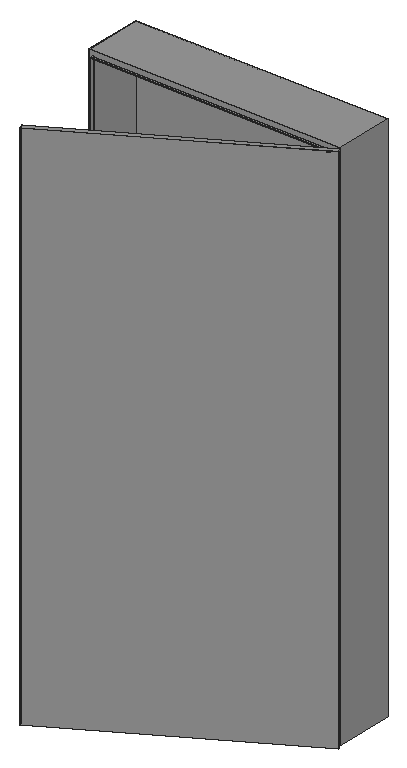
Revit family "Hager-Univers-IP44-D205-H1700-Cl.I-encl-NoHosted-DE-de", category Equipement électrique, Revit 2020
Family settings
  Configuration du panneau = Deux colonnes, circuits au sein
  Cote de connecteur circulaire = Utiliser le diamètre
  Type d'élément = Tableau de raccordement
  Basée sur le plan de construction = Oui
  Toujours verticalement = Oui
  Couper avec des vides une fois chargée = Non
  Partagée = Non
  Point de calcul de pièce = Non
Parameters (values of type "Aufputz IP44 B800 H1700 T205  - FP13TN2")
  Width Control [instance] = if([EF000008 - Breite] > Min Width, [EF000008 - Breite], Min Width)  # 800 mm
  Commentaires du type = [HG000003 - Bereich]  # "Univers"
  Thickness Door [instance] = if([EF009171 - Materialstärke Tür/Deckel] > 3 mm, 3 mm, [EF009171 - Materialstärke Tür/Deckel])  # 1 mm
  Seal Frame Offset [instance] = 17 mm  # constant formula
  Plinth Visibility [instance] = [HG000027 - Sockelhöhe] > 0 mm  # no
  Min Width [instance] = 100 mm  # constant formula
  Min Depth [instance] = (2 * [EF009170 - Materialstärke Gehäuse]) + 1 mm  # 3 mm
  Min Height [instance] = 100 mm  # constant formula
  Internal Frame Depth [instance] = (Door System Depth * 0.5)  # 9 mm
  Panel Name [instance] = ""  # (empty or 0)
  Model = ""
  HG000027 - Sockelhöhe = 0 mm
  HG000026 - Stehend auf dem Boden = no
  HG000024 - Höhe des unteren Teils = 600 mm
  HG000023 - Gehäuse mit doppeltem Querschnitt = no
  HG000016 - 3D-Türsichtbarkeit [instance] = yes
  HG000015 - Sichtbarkeit der Türöffnung [instance] = no
  HG000014 - Tür rechts [instance] = yes
  HG000013 - Tür links [instance] = not([HG000014 - Tür rechts])  # no
  HG000012 - Türschwenkwinkel [instance] = 30.00°
  HG000010 - Asymmetrische Türen = no
  HG000009 - Doppelflügeligen Tür = no
  HG000006 - Unterputz = no
  HG000004 - Herstellerreferenz = "FP13TN2"
  HG000003 - Bereich = "Univers"
  HG000002 - Mit tür = yes
  Frame Offset Bottom [instance] = 10 mm  # constant formula
  Frame Offset [instance] = 15 mm  # constant formula
  EF015940 - Deckel mit Überdruckentlastung = no
  EF011959 - Schutzart (NEMA) = ""
  EF009554 - Anzahl der Öffnungen für Flanschplatten = 6
  EF009212 - Ausführung Deckel = "EV000116 - geschlossen"
  EF009171 - Materialstärke Tür/Deckel = 1 mm
  EF009170 - Materialstärke Gehäuse = 1 mm
  EF008873 - Nennstrom (In) = 400 A
  EF007800 - Geeignet für Blitzschutz = no
  EF006306 - Mit Schloss = no
  EF006244 - Transparenter Deckel/Tür = no
  EF005474 - Schutzart (IP) = "EV006418 - IP44"
  EF004464 - Art der Tür = "EV002646 - Einzel"
  EF004427 - Anzahl der Module = 396
  EF004293 - Schlagfestigkeit = "EV006815 - IK09"
  EF003532 - Geeignet für Außengebrauch = no
  EF002950 - Breite in Teilungseinheiten = 36
  EF001613 - Funktionserhalt = "EV000494 - ohne"
  EF001596 - Werkstoff des Gehäuses = "EV000179 - Stahl"
  EF001131 - Innentiefe = 205 mm
  EF001088 - Anbaumöglichkeit = yes
  EF000437 - Anzahl der Leitungseinführungen = 6
  EF000339 - Art der Abdeckung = "EV001012 - Deckel"
  EF000266 - Anzahl der Reihen = 11
  EF000218 - Einbautiefe = 205 mm
  EF000118 - Mit Montageplatte = no
  EF000116 - RAL-Nummer = "9010"
  EF000049 - Tiefe = 205 mm
  EF000040 - Höhe = 1700 mm
  EF000008 - Breite = 800 mm
  EF000007 - Farbe = "EV000202 - weiß"
  EF000003 - Montageart = "EV000384 - Aufputz"
  Door System Leaf Tolerance [instance] = 1.5 mm  # constant formula
  Door System Depth [instance] = 18 mm  # constant formula
  Door Height [instance] = Height Control - [HG000027 - Sockelhöhe]  # 1700 mm
  Description = ""
  Default Elevation = 1219.2 mm
  Connector Offset [instance] = Height Control / 2  # 850 mm
  Fabricant = "Hager"  # constant formula
  Height Control [instance] = if([EF000040 - Höhe] > Min Height, [EF000040 - Höhe], Min Height)  # 1700 mm
  Depth Control [instance] = if([EF000049 - Tiefe] > Min Depth, [EF000049 - Tiefe], Min Depth)  # 205 mm
  Bottom Top Plate Trim [instance] = 1.5 mm  # constant formula
  Plinth height Ctrl [instance] = if([HG000027 - Sockelhöhe] > 0 mm, [HG000027 - Sockelhöhe], 12 mm)  # 12 mm
Types (9, lengths in mm): name | Width Control | HG000010 - Asymmetrische Türen | HG000009 - Doppelflügeligen Tür | HG000004 - Herstellerreferenz | EF009554 - Anzahl der Öffnungen für Flanschplatten | EF008873 - Nennstrom (In) | EF004464 - Art der Tür | EF004427 - Anzahl der Module | EF002950 - Breite in Teilungseinheiten | EF000437 - Anzahl der Leitungseinführungen | EF000008 - Breite
  Aufputz IP44 B1050 H1700 T205  - FP14TN2 | 1050 | no | yes | "FP14TN2" | 8 | 400 A | "EV003602 - Doppel" | 528 | 48 | 8 | 1050
  Aufputz IP44 B1300 H1700 T205  - FP15TN | 1300 | no | yes | "FP15TN" | 10 | 400 A | "EV003602 - Doppel" | 660 | 60 | 10 | 1300
  Aufputz IP44 B1300 H1700 T205  - FP15TN2 | 1300 | yes | yes | "FP15TN2" | 10 | 400 A | "EV003602 - Doppel" | 660 | 60 | 10 | 1300
  Aufputz IP44 B300 H1700 T205  - FP11TN | 300 | no | no | "FP11TN" | 2 | 250 A | "EV002646 - Einzel" | 132 | 12 | 2 | 300
  Aufputz IP44 B300 H1700 T205  - FP11TN2 | 300 | no | no | "FP11TN2" | 2 | 250 A | "EV002646 - Einzel" | 132 | 12 | 2 | 300
  Aufputz IP44 B550 H1700 T205  - FP12TN | 550 | no | no | "FP12TN" | 4 | 250 A | "EV002646 - Einzel" | 264 | 24 | 4 | 550
  Aufputz IP44 B550 H1700 T205  - FP12TN2 | 550 | no | no | "FP12TN2" | 4 | 250 A | "EV002646 - Einzel" | 264 | 24 | 4 | 550
  Aufputz IP44 B800 H1700 T205  - FP13TN | 800 | no | no | "FP13TN" | 6 | 400 A | "EV002646 - Einzel" | 396 | 36 | 6 | 800
  Aufputz IP44 B800 H1700 T205  - FP13TN2 | 800 | no | no | "FP13TN2" | 6 | 400 A | "EV002646 - Einzel" | 396 | 36 | 6 | 800
Reference planes
  plane 1 "Center (Front/Back)": y = 0
  plane 2: z = 0
  plane 3 "Center (Left/Right)": x = 0
  plane 4: y = 0
  plane 5: y = 0
  plane 6: z = 0
  plane 7: x = -400
  plane 8: x = 400
  plane 9: x = 399
  plane 10: x = -399
  plane 11: z = 0
  plane 12: z = 1
  plane 13: y = -205
  plane 14: y = -1
  plane 15: x = 0
  plane 16: y = -187
  plane 17: y = -204
  plane 18: y = -186
  plane 19: x = -384
  plane 20: x = 384
  plane 21: z = 11
  plane 22: x = -383
  plane 23: x = 383
  plane 24: z = 0
  plane 25: z = 1700
  plane 26: z = 1700
  plane 27: z = 1684
  plane 28: z = 1699
Forms (mm)
  Extrusion 1, solid, material "Hager_Steel_RAL7035_Light_Grey", detail levels medium+fine
    sketch origin (-208.679, -4572, 0) x (-1, 0, 0) y (0, -1, 0)
      loop
        line (191.321, -4385) -> (-608.679, -4385) -> (-608.679, -4572) -> (191.321, -4572) -> (191.321, -4385)
    from 0 to 1700
  Extrusion 2, void
    sketch origin (-350.771, -205, 1219.2) x (1, 0, 0) y (0, 0, 1)
      loop
        line (-48.229, 479.8) -> (-48.229, -1218.2) -> (749.771, -1218.2) -> (749.771, 479.8) -> (-48.229, 479.8)
    from -19 to -204
  Extrusion 3, void
    sketch origin (-290.084, -187, 1219.2) x (1, 0, 0) y (0, 0, 1)
      loop
        line (-93.916, -1208.2) -> (674.084, -1208.2) -> (674.084, 464.8) -> (-93.916, 464.8) -> (-93.916, -1208.2)
    from 0 to -1
  Extrusion 4, solid, material "Hager_Steel_RAL7035_Light_Grey", visible <- "Plinth Visibility", detail levels medium+fine
    sketch origin (0, 0, 0) x (1, 0, 0) y (0, 1, 0)
      loop
        line (-400, 0) -> (-400, -187) -> (400, -187) -> (400, 0) -> (-400, 0)
    from 0 to 12 <- "Plinth height Ctrl"
  Extrusion 5, solid, material "Hager_Steel_RAL7035_Light_Grey", detail levels coarse
    sketch origin (0, 0, 0) x (1, 0, 0) y (0, 1, 0)
      loop
        line (-400, 0) -> (-400, -205) -> (400, -205) -> (400, 0) -> (-400, 0)
    from 0 to 1700 <- "Height Control"
  Sweep 6, void
    path in 3D
      loop
        line (-400, -187, 12) -> (400, -187, 12) -> (400, 0, 12) -> (-400, 0, 12) -> (-400, -187, 12)
    profile origin (-400, -93.5, 12) x (1, 0, 0) y (0, 0, 1)
      loop
        line (0, 0) -> (0, -1.5) -> (1.5, -1.5)
        arc (1.5, -1.5) -> (1.061, -0.439) -> (0, 0) r 1.5
  Extrusion 7, solid, material "Hager_Steel_RAL7035_Light_Grey", detail levels fine
    sketch origin (-400, -187, 0) x (1, 0, 0) y (0, 0, 1)
      loop
        line (16, 11) -> (784, 11) -> (784, 1684) -> (16, 1684) -> (16, 11)
      loop
        line (15, 10) -> (785, 10) -> (785, 1685) -> (15, 1685) -> (15, 10)
    from 0 to 9 <- "Internal Frame Depth"
Cuts and joins
  Extrusion 2, Extrusion 3 cuts Extrusion 1
  Sweep 6 cuts Extrusion 4
Lines and regions (mm)
  Masking region 1
    outline origin (0, 0, 0) x (1, 0, 0) y (0, 1, 0)
      loop
        line (-400, 0) -> (-400, -205) -> (400, -205) -> (400, 0) -> (-400, 0)
  Masking region 2, detail levels coarse
    outline origin (-290.084, -187, 1219.2) x (-1, 0, 0) y (0, 0, 1)
      loop
        line (-690.084, -1219.2) -> (109.916, -1219.2) -> (109.916, 480.8) -> (-690.084, 480.8) -> (-690.084, -1219.2)
  Masking region 3, detail levels coarse
    outline origin (0, 0, 0) x (0, 1, 0) y (0, 0, 1)
      loop
        line (0, 0) -> (0, 1700) -> (-205, 1700) -> (-205, 0) -> (0, 0)
  Masking region 4, visible <- "Plinth Visibility", detail levels medium+fine
    outline origin (0, 0, 0) x (0, 1, 0) y (0, 0, 1)
      loop
        line (-1.5, 12) -> (-185.5, 12)
        arc (-185.5, 12) -> (-185.939, 10.939) -> (-187, 10.5) r 1.5
        line (-187, 10.5) -> (-187, 0) -> (0, 0) -> (0, 10.5)
        arc (0, 10.5) -> (-1.061, 10.939) -> (-1.5, 12) r 1.5
  Masking region 5, detail levels medium+fine
    outline origin (0, 0, 594.038) x (0, 1, 0) y (0, 0, 1)
      loop
        line (0, -594.038) -> (0, 1105.962) -> (-187, 1105.962) -> (-187, -594.038) -> (0, -594.038)
  Masking region 6, detail levels medium+fine
    outline origin (-359.7, -187, 1211.883) x (-1, 0, 0) y (0, 0, 1)
      loop
        line (-759.7, -1211.883) -> (40.3, -1211.883) -> (40.3, 488.117) -> (-759.7, 488.117) -> (-759.7, -1211.883)
  Masking region 7, visible <- "Plinth Visibility", detail levels medium+fine
    outline origin (-320.334, -187, 1041.368) x (-1, 0, 0) y (0, 0, 1)
      loop
        line (-720.334, -1041.368) -> (79.666, -1041.368) -> (79.666, -1030.868)
        arc (79.666, -1030.868) -> (78.606, -1030.429) -> (78.166, -1029.368) r 1.5
        line (78.166, -1029.368) -> (-718.834, -1029.368)
        arc (-718.834, -1029.368) -> (-719.273, -1030.429) -> (-720.334, -1030.868) r 1.5
        line (-720.334, -1030.868) -> (-720.334, -1041.368)
  sketch lines
    curve 1: line (-400, 0, 12) -> (-400, -187, 12)
    curve 2: line (-400, -187, 12) -> (400, -187, 12)
    curve 3: line (400, 0, 12) -> (-400, 0, 12)
    curve 4: line (400, -187, 12) -> (400, 0, 12)
Dimensions and locks
  locked: plane 1 "Center (Front/Back)" to plane 5
  "EF009170 - Materialstärke Gehäuse": plane 7 to plane 10
  "EF009170 - Materialstärke Gehäuse": plane 8 to plane 9
  equal spacing: plane 7, plane 3 "Center (Left/Right)", plane 8
  "Width Control": plane 7 to plane 8
  "Depth Control": plane 4 to plane 13
  "EF009170 - Materialstärke Gehäuse": plane 4 to plane 14
  "Height Control": plane 25 to level
  "HG000027 - Sockelhöhe": plane 11 to level
  "EF009170 - Materialstärke Gehäuse": plane 12 to plane 11
  "EF009170 - Materialstärke Gehäuse": plane 17 to plane 13
  "EF009170 - Materialstärke Gehäuse": plane 18 to plane 16
  "Frame Offset Bottom": plane 21 to plane 12
  "Frame Offset": plane 10 to plane 19
  "Frame Offset": plane 9 to plane 20
  "Door System Depth": plane 16 to plane 13
  "Seal Frame Offset": plane 7 to plane 22
  "Seal Frame Offset": plane 8 to plane 23
  "EF009170 - Materialstärke Gehäuse": plane 26 to plane 28
  "Frame Offset": plane 28 to plane 27
  "Connector Offset": plane 2 to connector elem
  "Bottom Top Plate Trim": profile plane to Sweep 6 sketch curve
  "Bottom Top Plate Trim": Sweep 6 sketch curve to Sweep 6 sketch curve
  "Plinth height Ctrl": Masking region 4 sketch curve to level
  "Plinth height Ctrl": Masking region 7 sketch curve to level
  "Thickness Door": Extrusion 7 sketch curve to Extrusion 7 sketch curve  (x4)
  "Bottom Top Plate Trim": radius of Sweep 6 sketch curve
  "Bottom Top Plate Trim": radius of Masking region 4 sketch curve  (x2)
  "Bottom Top Plate Trim": radius of Masking region 7 sketch curve  (x2)
  aligned and locked: Extrusion 2 sketch curve to plane 12
  aligned and locked: Extrusion 2 sketch curve to plane 9
  aligned and locked: Extrusion 2 sketch curve to plane 10
  aligned and locked: Extrusion 2 to plane 14
  aligned and locked: Extrusion 1 sketch curve to plane 4
  aligned and locked: plane 8 to Extrusion 1 sketch curve
  aligned and locked: plane 7 to Extrusion 1 sketch curve
  aligned and locked: Extrusion 2 to plane 18
  aligned and locked: Extrusion 3 sketch curve to plane 19
  aligned and locked: plane 20 to Extrusion 3 sketch curve
  aligned and locked: Extrusion 3 to Extrusion 2
  aligned and locked: Extrusion 3 sketch curve to plane 21
  aligned and locked: plane 3 "Center (Left/Right)" to nested 1
  aligned and locked: Extrusion 1 sketch curve to plane 16
  aligned and locked: Extrusion 4 sketch curve to cut or joined group of Extrusion 1, Extrusion 2, Extrusion 3
  aligned and locked: Masking region 1 sketch curve to plane 7
  aligned and locked: Masking region 1 sketch curve to plane 5
  aligned and locked: Masking region 1 sketch curve to plane 8
  aligned and locked: Masking region 2 sketch curve to level
  aligned and locked: level to Masking region 3 sketch curve
  aligned and locked: plane 1 "Center (Front/Back)" to Masking region 3 sketch curve
  aligned and locked: plane 13 to Masking region 3 sketch curve
  aligned and locked: plane 5 to Masking region 4 sketch curve
  aligned and locked: Masking region 2 sketch curve to plane 8
  aligned and locked: Masking region 2 sketch curve to plane 7
  aligned and locked: plane 7 to nested 2
  aligned and locked: nested 2 to plane 5
  aligned and locked: plane 5 to Masking region 5 sketch curve
  aligned and locked: plane 26 to Masking region 5 sketch curve
  aligned and locked: Extrusion 5 sketch curve to plane 8
  aligned and locked: Extrusion 5 sketch curve to plane 7
  aligned and locked: Extrusion 5 sketch curve to plane 5
  aligned and locked: Extrusion 3 sketch curve to plane 27
  aligned and locked: Extrusion 2 sketch curve to plane 28
  aligned and locked: Masking region 2 to plane 25
  aligned and locked: Extrusion 4 to plane 16
  aligned and locked: profile plane to Sweep 6 sketch curve
  aligned and locked: Masking region 5 sketch curve to plane 24
  aligned and locked: level to Masking region 4 sketch curve
  aligned and locked: Masking region 1 to plane 13
  aligned and locked: nested 1 to plane 16
  aligned and locked: Masking region 3 to plane 25
  aligned and locked: plane 16 to Masking region 4 sketch curve
  aligned and locked: Masking region 5 sketch curve to plane 16
  aligned and locked: plane 24 to plane 11
  aligned and locked: plane 26 to plane 25
  aligned and locked: plane 26 to cut or joined group of Extrusion 1, Extrusion 2, Extrusion 3
  aligned and locked: nested 1 to plane 24
  aligned and locked: Extrusion 1 to Extrusion 3
  aligned and locked: Masking region 6 sketch curve to plane 8
  aligned and locked: Masking region 6 sketch curve to plane 24
  aligned and locked: Masking region 6 sketch curve to plane 7
  aligned and locked: Masking region 6 sketch curve to plane 26
  aligned and locked: Masking region 7 sketch curve to plane 7
  aligned and locked: level to Masking region 7 sketch curve
  aligned and locked: Masking region 7 sketch curve to plane 8
  aligned and locked: Extrusion 7 sketch curve to cut or joined group of Extrusion 1, Extrusion 2, Extrusion 3  (x4)
Automatic sketch dimensions
  plane 19 to Extrusion 3 sketch curve = 0 mm
  Extrusion 3 sketch curve to plane 20 = 0 mm
  Extrusion 3 sketch curve to plane 21 = 0 mm
  Extrusion 4 sketch curve to plane 7 = 0 mm
  Extrusion 4 sketch curve to plane 8 = 0 mm
  Extrusion 4 sketch curve to plane 16 = 0 mm
  Masking region 1 sketch curve to plane 13 = 0 mm
  Masking region 2 sketch curve to plane 25 = 0 mm
  Masking region 3 sketch curve to plane 25 = 0 mm
  Extrusion 5 sketch curve to plane 13 = 0 mm
  profile plane to Sweep 6 sketch curve = 0 mm
Nested families
  nested 1: "EC000058_Univers_Door" at (0, -187, 0), Double <- "HG000009 - Doppelflügeligen Tür", Transparent <- "EF006244 - Transparenter Deckel/Tür", Angle <- "HG000012 - Türschwenkwinkel", Door_Right <- "HG000014 - Tür rechts", Assymetrical <- "HG000010 - Asymmetrische Türen", Door <- "HG000002 - Mit tür", Width_Ctrl <- "Width Control", 3d_Door <- "HG000016 - 3D-Türsichtbarkeit", Clearance <- "HG000015 - Sichtbarkeit der Türöffnung", Door_Left <- "HG000013 - Tür links", Width <- "Width Control", Door_Depth <- "Door System Depth", Leaf_Tolerance <- "Door System Leaf Tolerance", Height <- "Door Height", Lock_Visibility <- "EF006306 - Mit Schloss", Thickness <- "Thickness Door", type "EC000058_Univers_Door", detail levels medium+fine
    with min_wh 3 mm, Width_Ctrl 800 mm, Width 800 mm, Transparent no, Thickness 1 mm, Seal_Material Hager_Rubber, Lock_Visibility no, Lock_Material Hager_Plastic_RAL9005_Jet_Black, Leaf_Width 800 mm, Leaf_Tolerance_External_Sides 0 mm, Leaf_Tolerance 1.5 mm, Leaf_Offset 0 mm, Leaf_Height 1697 mm, Leaf_2_Width 800 mm, Leaf_2_Offset 400 mm, Leaf_1_Width 800 mm, Leaf_1_Offset 400 mm, Height_Ctrl 1700 mm, Height 1700 mm, Glass_Material Hager_Glass, Double_Clearance_Ctrl no, Double no, Door_Right_Ctrl yes, Door_Right yes, Door_Material Hager_Steel_RAL7035_Light_Grey, Door_Left_Ctrl no, Door_Left no, Door_Depth 18 mm, Door yes, Clearance_Material Hager_Clearance, Clearance_Depth 800 mm, Clearance_Ctrl no, Clearance no, Assymetrical no, Angle 30.00°, 3d_Door yes
  nested 2: "Hager_Enclosure_Symbol" at (-400, 0, 0), Height <- "Depth Control", Width <- "Width Control", type "Hager_Enclosure_Symbol"
    with Width_Ctrl 800 mm, Width 800 mm, Height_Ctrl 205 mm, Height 205 mm, A_Width_Int 13.453 mm, A_Width 161.438 mm, A_Height_Ctrl 179.375 mm, A_Height 179.375 mm
Connectors
  electrical at (0, 0, 850)
    settings: on plane 1 "Center (Front/Back)", index 1, voltage 0 V, apparent load 0 VA, apparent load phase1 0 VA, apparent load phase2 0 VA, apparent load phase3 0 VA, power factor 1, load classification "Other", number of poles 1, system type 30, power factor state 1, is connector primary yes, connector utility no, sub classification motor no, connector description ""
Definition of nested family "EC000058_Univers_Door"
  Parameters (values of type "EC000058_Univers_Door")
    min_wh [instance] = (2 * Thickness) + 1 mm  # 11 mm
    Width_Ctrl [instance] = 400 mm
    Width [instance] = 500 mm
    Transparent [instance] = yes
    Thickness [instance] = 5 mm
    Seal_Material [instance] = none
    Lock_Visibility [instance] = yes
    Lock_Material [instance] = none
    Leaf_Width [instance] = if((Width_Ctrl - 2 * Leaf_Tolerance_External_Sides) > 0 mm, (Width_Ctrl - 2 * Leaf_Tolerance_External_Sides), min_wh)  # 400 mm
    Leaf_Tolerance_External_Sides [instance] = 0 mm  # constant formula
    Leaf_Tolerance [instance] = 1.5 mm
    Leaf_Offset [instance] = 0 mm  # constant formula
    Leaf_Height [instance] = if((Height_Ctrl - 2 * Leaf_Tolerance) > 0 mm, (Height_Ctrl - 2 * Leaf_Tolerance), min_wh)  # 497 mm
    Leaf_2_Width [instance] = if(and(and(Double, Assymetrical), Door_Left), (Leaf_Width / 3) - (Leaf_Tolerance / 2), if(and(and(Double, Assymetrical), Door_Right), (Leaf_Width / 3) * 2 - (Leaf_Tolerance / 2), if(and(Double, not(Assymetrical)), (Leaf_Width / 2) - Leaf_Tolerance, Leaf_Width)))  # 400 mm
    Leaf_2_Offset [instance] = if(and(Double, Assymetrical), Leaf_2_Width / 2, if(and(Double, not(Assymetrical)), Leaf_Width / 4, Leaf_Width / 2))  # 200 mm
    Leaf_1_Width [instance] = if(and(and(Double, Assymetrical), Door_Right), (Leaf_Width / 3) - (Leaf_Tolerance / 2), if(and(and(Double, Assymetrical), Door_Left), (Width / 3) * 2 - (Leaf_Tolerance / 2), if(and(Double, not(Assymetrical)), (Leaf_Width / 2) - Leaf_Tolerance, Leaf_Width)))  # 400 mm
    Leaf_1_Offset [instance] = if(and(Double, Assymetrical), Leaf_1_Width / 2, if(and(Double, not(Assymetrical)), Leaf_Width / 4, Leaf_Width / 2))  # 200 mm
    Height_Ctrl [instance] = if(Height > min_wh, Height, min_wh)  # 500 mm
    Height [instance] = 500 mm
    Glass_Material [instance] = none
    Double_Clearance_Ctrl [instance] = and(Double, Clearance)  # no
    Double [instance] = no
    Door_Right_Ctrl [instance] = and(or(Door_Right, Double), Door)  # yes
    Door_Right [instance] = yes
    Door_Material [instance] = none
    Door_Left_Ctrl [instance] = and(or(Door_Left, Double), Door)  # no
    Door_Left [instance] = no
    Door_Depth [instance] = 30 mm
    Door [instance] = yes
    Default Elevation = 1219.2 mm
    Clearance_Material [instance] = none
    Clearance_Depth [instance] = if(Leaf_1_Width > Leaf_2_Width, Leaf_1_Width, Leaf_2_Width)  # 400 mm
    Clearance_Ctrl [instance] = and(not(Double), Clearance)  # yes
    Clearance [instance] = yes
    Assymetrical [instance] = yes
    Angle [instance] = 30.00°
    3d_Door [instance] = yes
  Reference planes
    plane 1 "Center (Front/Back)": y = 0
    plane 2 "Bottom": z = 0
    plane 3 "Center (Left/Right)": x = 0
    plane 4: z = 500
    plane 5: x = -200
    plane 6: x = 200
    plane 7: z = 500
    plane 8: x = -200
    plane 9: z = 0
    plane 10: x = 200
    plane 11: y = 0
    plane 12: z = 1.5
    plane 13: x = -600
    plane 14: y = -400
    plane 15: x = 600
    plane 16: x = 0
    plane 17: x = 0
    plane 18: x = -200
    plane 19: x = 200
    plane 20: z = 498.5
  Forms (mm)
    Extrusion 1, solid, material <- "Clearance_Material", visible <- "Double_Clearance_Ctrl"
      sketch origin (1200, 0, 0) x (1, 0, 0) y (0, 0, -1)
        loop
          line (-1800, -498.5) -> (-600, -498.5) -> (-600, 0) -> (-1800, 0) -> (-1800, -498.5)
      from 0 to -400
  Dimensions and locks
    equal spacing: plane 5, plane 3 "Center (Left/Right)", plane 6
    "Width_Ctrl": plane 5 to plane 6
    "Leaf_Offset": plane 5 to plane 8
    "Leaf_Offset": plane 6 to plane 10
    "Leaf_Offset": plane 9 to level
    "Leaf_Offset": plane 4 to plane 7
    "Height_Ctrl": plane 4 to level
    "Leaf_Tolerance": plane 12 to plane 9
    locked: plane 11 to plane 1 "Center (Front/Back)"
    "Leaf_1_Offset": plane 18 to plane 16
    "Leaf_2_Offset": plane 17 to plane 19
    "Leaf_1_Width": plane 13 to plane 8
    "Leaf_2_Width": plane 10 to plane 15
    "Clearance_Depth": plane 14 to plane 1 "Center (Front/Back)"
    "Leaf_Tolerance_External_Sides": plane 8 to plane 18
    "Leaf_Tolerance_External_Sides": plane 19 to plane 10
    "Leaf_Tolerance": plane 7 to plane 20
    aligned and locked: level to plane 2 "Bottom"
    aligned and locked: nested 1 to plane 16
    aligned and locked: nested 2 to plane 17
    aligned and locked: Extrusion 1 to plane 13
    aligned and locked: plane 15 to Extrusion 1
    aligned and locked: Extrusion 1 to plane 14
    aligned and locked: plane 12 to nested 1
    aligned and locked: nested 2 to plane 12
    aligned and locked: Extrusion 1 to plane 11
    aligned and locked: plane 20 to Extrusion 1
    aligned and locked: nested 2 to plane 11
    aligned and locked: nested 1 to plane 11
  Automatic sketch dimensions
    Extrusion 1 sketch curve to level = 0 mm
    plane 5 to Extrusion 1 sketch curve = 400 mm
    plane 6 to Extrusion 1 sketch curve = 400 mm
    Extrusion 1 sketch curve to plane 4 = 1.5 mm
  Nested families
    nested 1: "EC000058_Univers_Door_Leaf" at (0, 0, 1.5), Width <- "Leaf_1_Width", visible <- "Door_Left_Ctrl", Leaf_Height <- "Leaf_Height", Angle <- "Angle", 3d_Door <- "3d_Door", Transparent <- "Transparent", Clearance Material <- "Clearance_Material", Clearance <- "Clearance_Ctrl", Door_Material <- "Door_Material", Glass_Material <- "Glass_Material", Door_Depth <- "Door_Depth", Lock_Material <- "Lock_Material", Seal_Material <- "Seal_Material", Lock_Visibility <- "Lock_Visibility", Thickness <- "Thickness", type "EC000058_Univers_Door_Leaf"
      with Width 400 mm, Transparent_Glass_Offset 30 mm, Transparent_Ctrl yes, Transparent yes, Thickness 5 mm, Standard no, Seal_Material none, Seal_D2 8 mm, Seal_D1 1 mm, Offset_Internal_Frame 10 mm, Lock_Width 20 mm, Lock_Visibility_3d yes, Lock_Visibility yes, Lock_Thickness_3 3 mm, Lock_Thickness_2 1 mm, Lock_Thickness_1 3 mm, Lock_Radius_Offset_2 16 mm, Lock_Radius_Offset_1 15 mm, Lock_Radius_2 5 mm, Lock_Radius 6 mm, Lock_Offset 5 mm, Lock_Material none, Lock_Height 80 mm, Lock_Cover_Top_Offset_2d 17 mm, Lock_Cover_Height -65 mm, Leaf_Height 497 mm, Internal_Seal_Thickness 8 mm, Internal_Seal_Depth_2 4.5 mm, Internal_Frame_Depth 25 mm, Glass_Thickness -1 mm, Glass_Offset -2 mm, Glass_Material none, Door_Material none, Door_Depth 30 mm, Clearance Material none, Clearance yes, Angle_Ctrl 30.00°, Angle 30.00°, 3d_Door yes
    nested 2: "EC000058_Univers_Door_Leaf" at (0, 0, 1.5) x (-1, 0, 0) z (0, 0, 1), Width <- "Leaf_2_Width", visible <- "Door_Right_Ctrl", Leaf_Height <- "Leaf_Height", Angle <- "Angle", 3d_Door <- "3d_Door", Transparent <- "Transparent", Clearance Material <- "Clearance_Material", Clearance <- "Clearance_Ctrl", Door_Material <- "Door_Material", Glass_Material <- "Glass_Material", Door_Depth <- "Door_Depth", Lock_Material <- "Lock_Material", Seal_Material <- "Seal_Material", Lock_Visibility <- "Lock_Visibility", Thickness <- "Thickness", type "EC000058_Univers_Door_Leaf"
      with Width 400 mm, Transparent_Glass_Offset 30 mm, Transparent_Ctrl yes, Transparent yes, Thickness 5 mm, Standard no, Seal_Material none, Seal_D2 8 mm, Seal_D1 1 mm, Offset_Internal_Frame 10 mm, Lock_Width 20 mm, Lock_Visibility_3d yes, Lock_Visibility yes, Lock_Thickness_3 3 mm, Lock_Thickness_2 1 mm, Lock_Thickness_1 3 mm, Lock_Radius_Offset_2 16 mm, Lock_Radius_Offset_1 15 mm, Lock_Radius_2 5 mm, Lock_Radius 6 mm, Lock_Offset 5 mm, Lock_Material none, Lock_Height 80 mm, Lock_Cover_Top_Offset_2d 17 mm, Lock_Cover_Height -65 mm, Leaf_Height 497 mm, Internal_Seal_Thickness 8 mm, Internal_Seal_Depth_2 4.5 mm, Internal_Frame_Depth 25 mm, Glass_Thickness -1 mm, Glass_Offset -2 mm, Glass_Material none, Door_Material none, Door_Depth 30 mm, Clearance Material none, Clearance yes, Angle_Ctrl 30.00°, Angle 30.00°, 3d_Door yes
  Definition of nested family "EC000058_Univers_Door_Leaf"
    Parameters (values of type "EC000058_Univers_Door_Leaf")
      Width [instance] = 2000 mm
      Transparent_Glass_Offset [instance] = 30 mm
      Transparent_Ctrl [instance] = and(Transparent, [3d_Door])  # yes
      Transparent [instance] = yes
      Thickness [instance] = 5 mm
      Standard [instance] = and(not(Transparent), [3d_Door])  # no
      Seal_Material [instance] = none
      Seal_D2 [instance] = 8 mm  # constant formula
      Seal_D1 [instance] = 1 mm  # constant formula
      Offset_Internal_Frame [instance] = 10 mm  # constant formula
      Lock_Width [instance] = 20 mm  # constant formula
      Lock_Visibility_3d [instance] = and(Lock_Visibility, [3d_Door])  # yes
      Lock_Visibility [instance] = yes
      Lock_Thickness_3 [instance] = 3 mm  # constant formula
      Lock_Thickness_2 [instance] = 1 mm  # constant formula
      Lock_Thickness_1 [instance] = 3 mm  # constant formula
      Lock_Radius_Offset_2 [instance] = Lock_Radius_Offset_1 + 1 mm  # 16 mm
      Lock_Radius_Offset_1 [instance] = 15 mm  # constant formula
      Lock_Radius_2 [instance] = Lock_Radius - 1 mm  # 5 mm
      Lock_Radius [instance] = 6 mm  # constant formula
      Lock_Offset [instance] = 5 mm  # constant formula
      Lock_Material [instance] = none
      Lock_Height [instance] = 80 mm  # constant formula
      Lock_Cover_Top_Offset_2d [instance] = Lock_Radius_Offset_2 + 1 mm  # 17 mm
      Lock_Cover_Height [instance] = -(Lock_Height - Lock_Radius_Offset_1)  # -65 mm
      Leaf_Height [instance] = 2720.336 mm
      Internal_Seal_Thickness [instance] = 8 mm  # constant formula
      Internal_Seal_Depth_2 [instance] = 4.5 mm  # constant formula
      Internal_Frame_Depth [instance] = if(Door_Depth - Thickness > 5 mm, Door_Depth - Thickness, 5 mm)  # 25 mm
      Glass_Thickness [instance] = if(Thickness > 15 mm, Glass_Offset + 10 mm, -1 mm)  # -1 mm
      Glass_Offset [instance] = if(Thickness > 15 mm, -(Thickness + 10 mm) / 2, -2 mm)  # -2 mm
      Glass_Material [instance] = none
      Door_Material [instance] = none
      Door_Depth [instance] = 30 mm
      Default Elevation = 0 mm
      Clearance Material [instance] = none
      Clearance [instance] = yes
      Angle_Ctrl [instance] = if(Angle > 180.00°, 180.00°, Angle)  # 90.00°
      Angle [instance] = 90.00°
      3d_Door [instance] = yes
    Reference planes
      plane 1 "Center (Front/Back)": y = 0
      plane 2: z = 0
      plane 3 "Center (Left/Right)": x = 0
      plane 4: y = 2000
      plane 5: x = -1000
      plane 6: x = 1000
      plane 7: x = -3000
      plane 8: z = 2720.336
      plane 9: z = 30
      plane 10: z = 2690.336
      plane 11: x = 970
      plane 12: x = -970
      plane 13: y = -3
      plane 14: z = 107.833
      plane 15: y = -5
      plane 16: y = -223.314
      plane 17: x = -1000
      plane 18: z = 1360.168
      plane 19: y = 30
    Forms (mm)
      Extrusion 1, solid, material <- "Clearance Material", visible <- "Clearance"
        sketch origin (0, 0, 0) x (1, 0, 0) y (0, 0, 1)
          loop
            line (-3000, 2720.336) -> (-3000, 0) -> (1000, 0) -> (1000, 2720.336) -> (-3000, 2720.336)
        from 0 to -2000
      Extrusion 2, solid, material <- "Door_Material", visible <- "Standard", detail levels medium+fine
        sketch origin (-1000, 0, 0) x (0, 1, 0) y (-1, 0, 0)
          loop
            line (0, 30) -> (0, 25) -> (2000, 25) -> (2000, 30) -> (0, 30)
        from 0 to 2720.336 <- "Leaf_Height"
      Extrusion 3, solid, material <- "Door_Material", visible <- "Transparent_Ctrl", detail levels medium+fine
        sketch origin (-1000, 0, 0) x (0, 1, 0) y (-1, 0, 0)
          loop
            line (0, 25) -> (2000, 25) -> (2000, 30) -> (0, 30) -> (0, 25)
        from 0 to 2720.336 <- "Leaf_Height"
      Extrusion 4, void
        sketch origin (-1025, 2000, 0) x (0, 1, 0) y (0, 0, -1)
          loop
            line (-30, -2690.336) -> (-30, -30) -> (-1970, -30) -> (-1970, -2690.336) -> (-30, -2690.336)
        from 0 to 5 <- "Thickness"
      Sweep 5, solid, material <- "Seal_Material", visible <- "Transparent_Ctrl", detail levels fine
        path in 3D
          loop
            line (-1025, 30, 30) -> (-1025, 30, 2690.336) -> (-1025, 1970, 2690.336) -> (-1025, 1970, 30) -> (-1025, 30, 30)
        profile origin (-1025, 1000, 30) x (1, 0, 0) y (0, 0, 1)
          loop
            line (0, 0) -> (0, -8) -> (1, -8) -> (1, 0) -> (0, 0)
      Extrusion 6, solid, material <- "Glass_Material", visible <- "Transparent_Ctrl", detail levels medium+fine
        sketch origin (-1030, 0, 0) x (0, 1, 0) y (0, 0, -1)
          loop
            line (1970, -2690.336) -> (1970, -30) -> (30, -30) -> (30, -2690.336) -> (1970, -2690.336)
        from -2 <- "Glass_Offset" to -1 <- "Glass_Thickness"
      Extrusion 7, solid, material <- "Door_Material", visible <- "3d_Door", detail levels medium+fine
        sketch origin (-1025, 2000, 0) x (0, -1, 0) y (0, 0, -1)
          loop
            line (0, -2720.336) -> (2000, -2720.336) -> (2000, 0) -> (0, 0) -> (0, -2720.336)
          loop
            line (1995, -5) -> (5, -5) -> (5, -2715.336) -> (1995, -2715.336) -> (1995, -5)
        from 0 to 25 <- "Internal_Frame_Depth"
      Sweep 8, solid, material <- "Seal_Material", visible <- "Transparent_Ctrl", detail levels fine
        path in 3D
          loop
            line (-1025, 0, 0) -> (-1025, 2000, 0) -> (-1025, 2000, 2720.336) -> (-1025, 0, 2720.336) -> (-1025, 0, 0)
        profile origin (-1025, 0, 1360.168) x (1, 0, 0) y (0, 1, 0)
          loop
            line (0, 10) -> (2.975, 10)
            arc (2.975, 10) -> (4.053, 10.447) -> (4.5, 11.525) r 1.525
            line (4.5, 11.525) -> (4.5, 16.527)
            arc (4.5, 16.527) -> (4.069, 17.569) -> (3.027, 18) r 1.473
            line (3.027, 18) -> (0, 18) -> (0, 10)
      Extrusion 9, solid, material <- "Lock_Material", visible <- "Lock_Visibility_3d", detail levels fine
        sketch origin (-1030, 0, 0) x (0, 1, 0) y (0, 0, -1)
          loop
            arc (1993.5, -1400.168) -> (1994.561, -1399.729) -> (1995, -1398.668) r 1.5
            line (1995, -1398.668) -> (1995, -1320.168) -> (1975, -1320.168) -> (1975, -1398.668)
            arc (1975, -1398.668) -> (1975.439, -1399.729) -> (1976.5, -1400.168) r 1.5
            line (1976.5, -1400.168) -> (1993.5, -1400.168)
        from 3 <- "Lock_Thickness_1" to 0
      Blend 10, solid, material <- "Lock_Material", visible <- "Lock_Visibility_3d", detail levels fine
        base sketch origin (-1033, 0, 0) x (0, 1, 0) y (0, 0, -1)
          loop
            line (1975, -1320.168) -> (1975, -1398.668)
            arc (1975, -1398.668) -> (1975.439, -1399.729) -> (1976.5, -1400.168) r 1.5
            line (1976.5, -1400.168) -> (1993.5, -1400.168)
            arc (1993.5, -1400.168) -> (1994.561, -1399.729) -> (1995, -1398.668) r 1.5
            line (1995, -1398.668) -> (1995, -1320.168) -> (1975, -1320.168)
        top sketch origin (-1033, 0, 0) x (0, 1, 0) y (0, 0, -1)
          loop
            line (1976, -1320.168) -> (1976, -1398.668)
            arc (1976, -1398.668) -> (1976.146, -1399.022) -> (1976.5, -1399.168) r 0.5
            line (1976.5, -1399.168) -> (1993.5, -1399.168)
            arc (1993.5, -1399.168) -> (1993.854, -1399.022) -> (1994, -1398.668) r 0.5
            line (1994, -1398.668) -> (1994, -1320.168) -> (1976, -1320.168)
        from 0 to 1 <- "Lock_Thickness_2"
      Blend 11, solid, material <- "Lock_Material", visible <- "Lock_Visibility_3d", detail levels fine
        base sketch origin (-1034, 0, 0) x (0, 1, 0) y (0, 0, -1)
          loop
            line (1978, -1320.168) -> (1978, -1384.168)
            arc (1978, -1384.168) -> (1985, -1391.168) -> (1992, -1384.168) r 7
            line (1992, -1384.168) -> (1992, -1320.168) -> (1978, -1320.168)
        top sketch origin (-1034, 0, 0) x (0, 1, 0) y (0, 0, -1)
          loop
            line (1991, -1320.168) -> (1979, -1320.168) -> (1979, -1383.168)
            arc (1979, -1383.168) -> (1985, -1389.168) -> (1991, -1383.168) r 6
            line (1991, -1383.168) -> (1991, -1320.168)
        from 0 to 3 <- "Lock_Thickness_3"
      Extrusion 12, solid, material <- "Lock_Material", visible <- "Lock_Visibility_3d", detail levels fine
        sketch origin (-1030, 1975, 1320.168) x (1, 0, 0) y (0, -1, 0)
          loop
            line (-7, -19) -> (-7, -1) -> (0, -1) -> (0, 0) -> (-8, 0) -> (-8, -20) -> (0, -20) -> (0, -19) -> (-7, -19)
        from 0 to -65 <- "Lock_Cover_Height"
      Extrusion 13, void
        sketch origin (-1038, 1995, 1320.168) x (-1, 0, 0) y (0, 0, -1)
          loop
            line (-5, -65) -> (0, -65) -> (-5, -60) -> (-5, -65)
        from 0 to 20 <- "Lock_Width"
      Extrusion 14, void
        sketch origin (-1038, 1975, 1320.168) x (0, -1, 0) y (0, 0, -1)
          loop
            circle (-10, -15.995) r 6
          loop
            circle (-10, -15.995) r 5
        from 0 to 2
      Extrusion 15, solid, material <- "Lock_Material", visible <- "Lock_Visibility_3d", detail levels medium
        sketch origin (-1030, 0, 0) x (0, 1, 0) y (0, 0, -1)
          loop
            arc (1993.5, -1400.168) -> (1994.561, -1399.729) -> (1995, -1398.668) r 1.5
            line (1995, -1398.668) -> (1995, -1320.168) -> (1975, -1320.168) -> (1975, -1398.668)
            arc (1975, -1398.668) -> (1975.439, -1399.729) -> (1976.5, -1400.168) r 1.5
            line (1976.5, -1400.168) -> (1993.5, -1400.168)
        from 8 to 0
    Cuts and joins
      Extrusion 4 cuts Extrusion 3
      Extrusion 13, Extrusion 14 cuts Extrusion 9
      Extrusion 14 cuts Blend 11
      Extrusion 13, Extrusion 14 cuts Extrusion 12
      joined: Extrusion 9, Blend 10, Blend 11, Extrusion 12
      Extrusion 14 cuts Extrusion 15
    Lines and regions (mm)
      Masking region 1, visible <- "Lock_Visibility", detail levels fine
        outline origin (0, 0, 0) x (0, 1, 0) y (0, 0, 1)
          loop
            line (30, 1320.168) -> (33, 1320.168) -> (33, 1400.168) -> (30, 1400.168) -> (30, 1320.168)
      Masking region 2, visible <- "Lock_Visibility", detail levels fine
        outline origin (0, 3.143, 0) x (0, 1, 0) y (0, 0, 1)
          loop
            line (29.857, 1354.168) -> (30.857, 1354.168) -> (30.857, 1366.168) -> (29.857, 1366.168) -> (29.857, 1354.168)
      Masking region 3, detail levels medium+fine
        outline origin (0, 0, 0) x (0, 1, 0) y (0, 0, 1)
          loop
            line (0, 0) -> (30, 0) -> (30, 2720.336) -> (0, 2720.336) -> (0, 0)
      Masking region 4, detail levels medium+fine
        outline origin (0, 0, 0) x (1, 0, 0) y (0, 0, 1)
          loop
            line (-1000, 2720.336) -> (-1000, 0) -> (1000, 0) -> (1000, 2720.336) -> (-1000, 2720.336)
      Masking region 5, visible <- "Lock_Visibility", detail levels fine
        outline origin (-47.116, 0, 0) x (1, 0, 0) y (0, 0, 1)
          loop
            arc (1024.616, 1399.168) -> (1023.556, 1398.729) -> (1023.116, 1397.668) r 1.5
            line (1023.116, 1397.668) -> (1023.116, 1320.168) -> (1041.116, 1320.168) -> (1041.116, 1397.668)
            arc (1041.116, 1397.668) -> (1040.677, 1398.729) -> (1039.616, 1399.168) r 1.5
            line (1039.616, 1399.168) -> (1024.616, 1399.168)
      Masking region 6, visible <- "Lock_Visibility", detail levels medium+fine
        outline origin (-25, 0, 0) x (1, 0, 0) y (0, 0, 1)
          loop
            arc (1001.5, 1400.168) -> (1000.439, 1399.729) -> (1000, 1398.668) r 1.5
            line (1000, 1398.668) -> (1000, 1320.168) -> (1020, 1320.168) -> (1020, 1398.668)
            arc (1020, 1398.668) -> (1019.561, 1399.729) -> (1018.5, 1400.168) r 1.5
            line (1018.5, 1400.168) -> (1001.5, 1400.168)
      Masking region 7, visible <- "Lock_Visibility", detail levels fine
        outline origin (-73.735, 0, 0) x (1, 0, 0) y (0, 0, 1)
          loop
            line (1051.735, 1382.168) -> (1065.735, 1382.168) -> (1065.735, 1384.168)
            arc (1065.735, 1384.168) -> (1058.735, 1391.168) -> (1051.735, 1384.168) r 7
            line (1051.735, 1384.168) -> (1051.735, 1382.168)
      Masking region 8, visible <- "Lock_Visibility", detail levels fine
        outline origin (-73.735, 0, 0) x (1, 0, 0) y (0, 0, 1)
          loop
            line (1052.735, 1382.168) -> (1064.735, 1382.168) -> (1064.735, 1383.168)
            arc (1064.735, 1383.168) -> (1058.735, 1389.168) -> (1052.735, 1383.168) r 6
            line (1052.735, 1383.168) -> (1052.735, 1382.168)
      Masking region 9, visible <- "Lock_Visibility", detail levels fine
        outline origin (-25, 0, 0) x (1, 0, 0) y (0, 0, 1)
          loop
            line (1020, 1320.168) -> (1020, 1382.168) -> (1000, 1382.168) -> (1000, 1320.168) -> (1020, 1320.168)
      Masking region 10, detail levels medium+fine
        outline origin (0, 0, 0) x (1, 0, 0) y (0, 0, 1)
          loop
            circle (985, 1335.144) r 6
      Masking region 11, detail levels fine
        outline origin (0, 0, 0) x (1, 0, 0) y (0, 0, 1)
          loop
            circle (985, 1335.144) r 5
      Masking region 12, visible <- "Lock_Visibility", detail levels fine
        outline origin (0, 12.767, 0) x (0, 1, 0) y (0, 0, 1)
          loop
            line (20.233, 1320.168) -> (21.233, 1320.168) -> (21.233, 1399.168) -> (20.233, 1400.168) -> (20.233, 1320.168)
      Masking region 13, visible <- "Lock_Visibility", detail levels fine
        outline origin (0, 13.767, -10) x (0, 1, 0) y (0, 0, 1)
          loop
            line (20.233, 1330.168) -> (23.233, 1330.168) -> (23.233, 1399.168) -> (20.233, 1402.168) -> (20.233, 1330.168)
      Masking region 14, visible <- "Lock_Visibility", detail levels fine
        outline origin (0, 12.767, -10) x (0, 1, 0) y (0, 0, 1)
          loop
            line (20.233, 1330.168) -> (25.233, 1330.168) -> (25.233, 1399.305) -> (20.233, 1394.305) -> (20.233, 1330.168)
      Masking region 15, visible <- "Lock_Visibility", detail levels medium
        outline origin (0, 0, 0) x (0, 1, 0) y (0, 0, 1)
          loop
            line (30, 1320.168) -> (38, 1320.168) -> (38, 1400.168) -> (30, 1400.168) -> (30, 1320.168)
      Masking region 16, visible <- "Lock_Visibility", detail levels fine
        outline origin (-1000, 0, 0) x (0, 1, 0) y (-1, 0, 0)
          loop
            line (1975, 30) -> (1995, 30) -> (1995, 38) -> (1975, 38) -> (1975, 30)
          loop
            line (1979, 37) -> (1976, 37) -> (1976, 34) -> (1978, 34) -> (1979, 37)
          loop
            line (1994, 37) -> (1991, 37) -> (1992, 34) -> (1994, 34) -> (1994, 37)
      Masking region 17, visible <- "Lock_Visibility", detail levels medium
        outline origin (-1000, 0, 0) x (0, 1, 0) y (-1, 0, 0)
          loop
            line (1975, 30) -> (1995, 30) -> (1995, 38) -> (1975, 38) -> (1975, 30)
      symbolic lines
        curve 1: line (1000, 0, 0) -> (-3000, 0, 0)
        curve 2: arc (1000, 0, 0) -> (-1000, 2000, 0) -> (-3000, 0, 0) r 2000
        curve 4: line (-1030, 0, 0) -> (-1030, 2000, 0)
      reference lines
        curve 3: line (-1000, 0, 0) -> (-1000, 2000, 0)
      symbolic lines, detail levels medium+fine
        curve 5: line (-1030, 2000, 0) -> (-1025, 2000, 0)
        curve 7: line (-1025, 0, 0) -> (-1030, 0, 0)
        curve 8: line (-1025, 0, 0) -> (-1000, 0, 0)
        curve 9: line (-1000, 0, 0) -> (-1000, 2000, 0)
        curve 10: line (-1000, 2000, 0) -> (-1025, 2000, 0)
      symbolic lines, detail levels fine
        curve 6: line (-1025, 2000, 0) -> (-1025, 0, 0)
      sketch lines
        curve 11: line (-1025, 0, 2720.336) -> (-1025, 0, 0)
        curve 12: line (-1025, 2000, 0) -> (-1025, 0, 0)
        curve 13: line (-1025, 2000, 2720.336) -> (-1025, 2000, 0)
        curve 14: line (-1025, 0, 2720.336) -> (-1025, 2000, 2720.336)
        curve 15: line (-1025, 1970, 30) -> (-1025, 30, 30)
        curve 16: line (-1025, 30, 30) -> (-1025, 30, 2690.336)
        curve 17: line (-1025, 1970, 2690.336) -> (-1025, 1970, 30)
        curve 18: line (-1025, 30, 2690.336) -> (-1025, 1970, 2690.336)
      symbolic lines, visible <- "Transparent", detail levels medium+fine
        curve 19: line (-970, 0, 2690.336) -> (970, 0, 2690.336)
        curve 20: line (-970, 0, 30) -> (-970, 0, 2690.336)
        curve 21: line (970, 0, 30) -> (-970, 0, 30)
        curve 22: line (970, 0, 2690.336) -> (970, 0, 30)
    Dimensions and locks
      "Width": plane 1 "Center (Front/Back)" to plane 4
      equal spacing: plane 5, plane 3 "Center (Left/Right)", plane 6
      "Width": plane 5 to plane 6
      "Width": plane 7 to plane 5
      "Leaf_Height": plane 8 to level
      "Width": curve 5 to curve 3
      "Width": curve 3 to curve 3
      plane 8 to plane 10 = 30 mm
      plane 9 to level = 30 mm
      plane 12 to plane 5 = 30 mm
      plane 6 to plane 11 = 30 mm
      Extrusion 1 to Extrusion 4 sketch curve = 30 mm
      "Transparent_Glass_Offset": curve 3 to Extrusion 4 sketch curve
      "Transparent_Glass_Offset": Extrusion 4 sketch curve to cut or joined group of Extrusion 3, Extrusion 4  (x2)
      cut or joined group of Extrusion 3, Extrusion 4 to Extrusion 6 sketch curve = 30 mm
      "Transparent_Glass_Offset": cut or joined group of Extrusion 3, Extrusion 4 to Extrusion 4 sketch curve
      "Thickness": curve 6 to curve 4
      "Thickness": Extrusion 7 sketch curve to Extrusion 7 sketch curve  (x4)
      "Door_Depth": curve 4 to curve 3
      "Offset_Internal_Frame": profile plane to Sweep 8 sketch curve
      "Internal_Seal_Thickness": Sweep 8 sketch curve to Sweep 8 sketch curve
      "Internal_Seal_Depth_2": profile plane to Sweep 8 sketch curve
      "Seal_D1": profile plane to Sweep 5 sketch curve
      "Seal_D2": profile plane to Sweep 5 sketch curve
      "Thickness": Extrusion 2 sketch curve to Extrusion 2 sketch curve
      equal spacing: Extrusion 9 sketch curve, plane 18, Extrusion 9 sketch curve  (x2)
      equal spacing: Masking region 1 sketch curve, plane 18, Masking region 1 sketch curve
      "Lock_Height": Masking region 1 sketch curve to Masking region 1 sketch curve
      "Lock_Radius": Masking region 2 sketch curve to plane 18 to Masking region 2 sketch curve
      Masking region 2 sketch curve to Masking region 1 = 1 mm
      "Door_Depth": plane 19 to plane 1 "Center (Front/Back)"
      "Lock_Thickness_1": Masking region 1 sketch curve to plane 19
      "Lock_Width": Extrusion 9 sketch curve to Extrusion 9 sketch curve
      "Lock_Height": Extrusion 9 sketch curve to Extrusion 9 sketch curve
      "Lock_Offset": cut or joined group of Extrusion 3, Extrusion 4 to Extrusion 9 sketch curve
      equal spacing: plane 8, plane 18, level
      "Lock_Radius_Offset_1": Blend 11 sketch curve to Blend 10
      locked: Blend 10 to Blend 11 sketch curve at 2  (x2)
      locked: var sketch to Blend 11 sketch curve at 1  (x2)
      "Lock_Radius_Offset_2": Blend 11 sketch curve to Blend 10
      locked: Extrusion 12 sketch curve to Extrusion 12 sketch curve at 1  (x3)
      Masking region 6 sketch curve to Masking region 6 sketch curve = 80 mm
      "Lock_Height": Masking region 6 sketch curve to Masking region 6 sketch curve
      "Lock_Width": Masking region 6 sketch curve to Masking region 6 sketch curve
      locked: Masking region 6 to Masking region 5 sketch curve at 1  (x3)
      locked: Masking region 5 to Masking region 7 sketch curve at 2  (x2)
      "Lock_Radius_Offset_1": Masking region 5 to Masking region 7 sketch curve
      "Lock_Radius_Offset_2": Masking region 5 to Masking region 8 sketch curve
      locked: Masking region 7 to Masking region 8 sketch curve at 1  (x2)
      "Lock_Cover_Top_Offset_2d": Masking region 5 to Masking region 9 sketch curve
      equal spacing: Masking region 9, Masking region 10 sketch curve, Masking region 9
      equal spacing: Masking region 9, Masking region 11 sketch curve, Masking region 9
      Extrusion 15 sketch curve to Extrusion 15 sketch curve = 80 mm
      "Lock_Width": Extrusion 15 sketch curve to Extrusion 15 sketch curve
      "Lock_Height": Extrusion 15 sketch curve to Extrusion 15 sketch curve
      equal spacing: Extrusion 15 sketch curve, plane 18, Extrusion 15 sketch curve
      "Lock_Thickness_3": Masking region 13 sketch curve to Masking region 13 sketch curve
      "Lock_Height": Masking region 12 sketch curve to Masking region 12 sketch curve
      locked: Masking region 13 sketch curve to Masking region 1 at 8
      locked: Masking region 14 sketch curve to Masking region 13 at 1
      locked: Masking region 14 sketch curve to Masking region 1 at 10.863
      "Lock_Height": Masking region 15 sketch curve to Masking region 15 sketch curve
      "Lock_Offset": Extrusion 15 sketch curve to cut or joined group of Extrusion 3, Extrusion 4
      "Lock_Offset": plane 6 to Masking region 6 sketch curve
      radius of Sweep 8 sketch curve = 1.525 mm
      radius of Sweep 8 sketch curve = 1.473 mm
      radius of Extrusion 9 sketch curve = 1.5 mm  (x2)
      "Lock_Radius": radius of Extrusion 14 sketch curve
      "Lock_Radius_2": radius of Extrusion 14 sketch curve
      "Lock_Radius": radius of Masking region 10 sketch curve
      "Lock_Radius_2": radius of Masking region 11 sketch curve
      radius of Extrusion 15 sketch curve = 1.5 mm  (x2)
      "Angle_Ctrl": angle plane 1 "Center (Front/Back)" to curve 3
      locked: Masking region 12 sketch curve to Masking region 12 sketch curve (angle 45.00°)
      locked: Masking region 13 sketch curve to Masking region 13 sketch curve (angle 45.00°)
      locked: Masking region 14 sketch curve to Masking region 14 sketch curve (angle 45.00°)
      aligned and locked: level to plane 2
      aligned and locked: Extrusion 1 to curve 1
      aligned and locked: plane 6 to Extrusion 1
      aligned and locked: Extrusion 1 to plane 1 "Center (Front/Back)"
      aligned and locked: plane 4 to Extrusion 1
      aligned and locked: plane 8 to Extrusion 1
      aligned and locked: curve 7 to Extrusion 2 sketch curve
      aligned and locked: curve 5 to Extrusion 2 sketch curve
      aligned and locked: curve 7 to Extrusion 3 sketch curve
      aligned and locked: Extrusion 3 sketch curve to curve 4
      aligned and locked: Extrusion 3 sketch curve to curve 6
      aligned and locked: Extrusion 3 sketch curve to curve 5
      aligned and locked: curve 9 to curve 3
      aligned and locked: Extrusion 7 sketch curve to cut or joined group of Extrusion 3, Extrusion 4  (x4)
      aligned and locked: plane 17 to curve 3
      aligned and locked: plane 1 "Center (Front/Back)" to curve 3
      aligned and locked: plane 17 to plane 5
      aligned and locked: Sweep 8 sketch curve to profile plane
      aligned and locked: Sweep 5 sketch curve to profile plane  (x2)
      aligned and locked: Masking region 1 to Masking region 2 sketch curve
      aligned and locked: plane 19 to Masking region 1 sketch curve
      aligned and locked: plane 1 "Center (Front/Back)" to Masking region 3 sketch curve
      aligned and locked: plane 19 to Masking region 3 sketch curve
      aligned and locked: level to Masking region 3 sketch curve
      aligned and locked: Masking region 3 sketch curve to plane 8
      aligned and locked: plane 17 to Masking region 4 sketch curve
      aligned and locked: level to Masking region 4 sketch curve
      aligned and locked: Masking region 4 sketch curve to plane 8
      aligned and locked: plane 12 to curve 20
      aligned and locked: plane 10 to curve 19
      aligned and locked: plane 11 to curve 22
      aligned and locked: curve 21 to plane 9
      aligned and locked: Extrusion 2 sketch curve to cut or joined group of Extrusion 3, Extrusion 4
      aligned and locked: Blend 10 sketch curve to Extrusion 9  (x4)
      aligned and locked: Extrusion 9 to Blend 10 sketch curve
      aligned and locked: Blend 10 to Blend 11 sketch curve
      aligned and locked: Extrusion 12 sketch curve to Blend 11
      aligned and locked: Extrusion 12 sketch curve to Extrusion 9  (x4)
      aligned and locked: Masking region 5 sketch curve to Masking region 6
      aligned and locked: Masking region 9 sketch curve to Masking region 6  (x3)
      aligned and locked: Masking region 12 sketch curve to Masking region 1
      aligned and locked: Masking region 13 sketch curve to Masking region 1
      aligned and locked: Masking region 12 to Masking region 14
      aligned and locked: Masking region 14 sketch curve to Masking region 1
      aligned and locked: Masking region 15 sketch curve to Masking region 14
      aligned and locked: Masking region 13 sketch curve to Masking region 12
      aligned and locked: Masking region 16 sketch curve to cut or joined group of Extrusion 14, Extrusion 15  (x4)
      aligned and locked: Masking region 16 sketch curve to cut or joined group of Extrusion 9, Blend 10, Blend 11, Extrusion 12, Extrusion 13, Extrusion 14  (x6)
      aligned and locked: cut or joined group of Extrusion 9, Blend 10, Blend 11, Extrusion 12, Extrusion 13, Extrusion 14 to Masking region 16 sketch curve
      aligned and locked: Masking region 17 sketch curve to cut or joined group of Extrusion 14, Extrusion 15  (x3)
      aligned and locked: Masking region 17 sketch curve to cut or joined group of Extrusion 9, Blend 10, Blend 11, Extrusion 12, Extrusion 13, Extrusion 14
      aligned and locked: Masking region 9 to Masking region 8 sketch curve
      aligned and locked: Masking region 9 to Masking region 7 sketch curve
    Automatic sketch dimensions
      plane 1 "Center (Front/Back)" to curve 2 = 0 mm
      curve 2 to plane 5 = 0 mm
      Extrusion 1 sketch curve to level = 0 mm
      Extrusion 1 sketch curve to plane 7 = 0 mm
      Extrusion 1 sketch curve to plane 6 = 0 mm
      Extrusion 1 sketch curve to plane 8 = 0 mm
      Extrusion 3 to Extrusion 6 sketch curve = 30 mm  (x4)
      Masking region 4 sketch curve to plane 6 = 0 mm
      Blend 10 sketch curve to Extrusion 9 = 1.5 mm
      Blend 10 sketch curve to Extrusion 9 = 1 mm
      Extrusion 13 sketch curve to Extrusion 12 = 0 mm  (x2)
      Extrusion 12 to Extrusion 13 sketch curve = 3 mm
      Extrusion 13 sketch curve to Extrusion 12 = 5 mm
      Extrusion 14 sketch curve to Extrusion 14 sketch curve = 0 mm  (x2)
      Extrusion 14 sketch curve to Extrusion 12 = 10 mm
      Extrusion 14 sketch curve to Extrusion 12 = 15.995 mm
      Masking region 5 sketch curve to Masking region 5 sketch curve = 1.5 mm  (x2)
      Masking region 10 sketch curve to plane 18 = 25.024 mm
      Masking region 11 sketch curve to plane 18 = 25.024 mm
      plane 19 to Masking region 14 sketch curve = 3 mm
      Masking region 16 sketch curve to Masking region 16 sketch curve = 3 mm
      curve 4 to curve 3 = 0 mm
      Blend 10 to Blend 11 sketch curve = 0 mm
      Masking region 6 sketch curve to Masking region 6 sketch curve = 1.5 mm  (x2)
      Masking region 6 sketch curve to plane 18 = 40 mm
      plane 19 to Masking region 12 sketch curve = 3 mm
      Masking region 12 sketch curve to Masking region 12 sketch curve = 1 mm
      Masking region 15 sketch curve to plane 19 = 0 mm
      Masking region 15 sketch curve to plane 18 = 40 mm
      radius of Blend 10 sketch curve to Extrusion 9 = 1 mm
Definition of nested family "Hager_Enclosure_Symbol"
  Parameters (values of type "Hager_Enclosure_Symbol")
    Width_Ctrl [instance] = if(Width > 1 mm, Width, 1 mm)  # 102.27 mm
    Width [instance] = 102.27 mm
    Height_Ctrl [instance] = if(Height > 1 mm, Height, 1 mm)  # 66.5 mm
    A_Width_Int [instance] = if(A_Width / 12 > 2 mm, A_Width / 12, 2 mm)  # 4.364 mm
    A_Width [instance] = if(A_Height_Ctrl * 0.9 > 2 mm, A_Height_Ctrl * 0.9, 2 mm)  # 52.369 mm
    A_Height_Ctrl [instance] = if(A_Height > 2 mm, A_Height, 2 mm)  # 58.188 mm
    Height [instance] = 66.5 mm
    A_Height [instance] = Height - (Height / 8)  # 58.188 mm
  Reference planes
    plane 1 "Centre (avant/arrière)": y = 0
    plane 2: z = 0
    plane 3 "Centre (gauche/droite)": x = 0
    plane 4: x = 52.369
    plane 5: y = 33.042
    plane 6: y = 41.77
    plane 7: y = 66.5
    plane 8: x = 26.184
    plane 9: y = 37.406
    plane 10: x = 102.27
    plane 11: y = 66.5
    plane 12: y = 8.313
  Lines and regions (mm)
    Filled region 1, type "Solid_Black", in view "Niveau de réf."
      outline origin (0, 0, 0) x (1, 0, 0) y (0, 1, 0)
        loop
          line (52.369, 66.5) -> (33.188, 54.536) -> (45.365, 45.006) -> (52.369, 66.5)
    Filled region 2, type "Solid_Black", in view "Niveau de réf."
      outline origin (0, 0, 0) x (1, 0, 0) y (0, 1, 0)
        loop
          line (0, 0) -> (102.27, 0) -> (102.27, 66.5) -> (0, 0)
    detail lines, in view "Niveau de réf."
      curve 1: line (0, 8.313, 0) -> (26.184, 41.77, 0)
      curve 2: line (26.184, 41.77, 0) -> (26.184, 33.042, 0)
      curve 3: line (26.184, 33.042, 0) -> (52.369, 66.5, 0)
  Dimensions and locks
    "A_Width": plane 3 "Centre (gauche/droite)" to plane 4
    equal spacing: plane 3 "Centre (gauche/droite)", plane 8, plane 4
    equal spacing: plane 6, plane 9, plane 5
    equal spacing: curve 3, Filled region 1 sketch curve, Filled region 1 sketch curve
    "Height_Ctrl": plane 1 "Centre (avant/arrière)" to plane 11
    "A_Height_Ctrl": plane 11 to plane 12
    equal spacing: plane 11, plane 9, plane 12
    "A_Width_Int": plane 6 to plane 9
    "Width_Ctrl": plane 3 "Centre (gauche/droite)" to plane 10
    angle Filled region 1 sketch curve to curve 3 = 20.00°
    angle curve 3 to Filled region 1 sketch curve = 20.00°
    locked: curve 3 to Filled region 1 sketch curve (angle 90.00°)
    aligned and locked: plane 10 to Filled region 2
    aligned and locked: plane 11 to Filled region 2 sketch curve
    aligned and locked: plane 10 to Filled region 2 sketch curve
    aligned and locked: plane 3 "Centre (gauche/droite)" to curve 1
    aligned and locked: plane 12 to curve 1
    aligned and locked: plane 7 to plane 11
  Automatic sketch dimensions
    Filled region 1 sketch curve to plane 4 = 0 mm
    Filled region 1 sketch curve to plane 7 = 0 mm
    plane 1 "Centre (avant/arrière)" to Filled region 2 sketch curve = 0 mm
    Filled region 2 sketch curve to plane 3 "Centre (gauche/droite)" = 0 mm
    curve 2 to plane 6 = 0 mm
    curve 2 to plane 8 = 0 mm
    curve 3 to plane 4 = 0 mm
    curve 2 to plane 5 = 0 mm
    curve 3 to plane 7 = 0 mm
